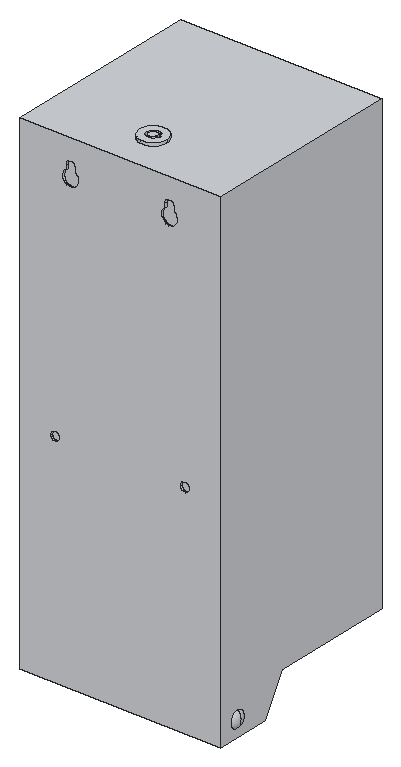
Revit family "AX9424_0008", category Appareils sanitaires, Revit 2016
Family settings
  Hôte = Mur
  Type d'élément = Normal
  Cote de connecteur circulaire = Utiliser le diamètre
  Numéro OmniClass = 23.75.00.00
  Titre OmniClass = Climate Control (HVAC)
  Toujours verticalement = Oui
  Couper avec des vides une fois chargée = Non
  Partagée = Non
  Point de calcul de pièce = Non
Parameters (values of type "Type 1")
  URL = "https://www.axeuro.com/fr/distributeurs-de-savon-gel-hydroalcoolique/26115-distributeur-de-savon-liquide-ax9424.html"
  Type de produit / Type of product = "Distributeur de savon / Soap dispenser"  # constant formula
  Référence / Reference = "AX9424"  # constant formula
  Model = ""
  Manufacturer = ""
  Entreprise / Company = "Axeuro"  # constant formula
  Description = ""
Reference planes
  plane 1 "Mur": y = 0
  plane 2 "Centre (gauche/droite)": x = 0
  plane 3 "Arrière": y = 75
Forms (mm)
  Extrusion 1, solid, not visible
    sketch origin (0, 75, 32.766) x (1, 0, 0) y (0, 0, 1)
      loop
        line (124.636, 467.234) -> (-157.364, 467.234) -> (-157.364, 77.234) -> (124.636, 77.234) -> (124.636, 467.234)
      loop
        line (122.836, 465.434) -> (-155.564, 465.434) -> (-155.564, 79.034) -> (122.836, 79.034) -> (122.836, 465.434)
    from -110 to 0
  Extrusion 2, solid, not visible
    sketch origin (0, 0, 32.766) x (0, 1, 0) y (0, 0, 1)
      loop
        line (75, 467.234) -> (75, 77.234) -> (76.843, 77.234) -> (76.843, 467.234) -> (75, 467.234)
    from -157.364 to 124.636
  Extrusion 3, solid, not visible
    sketch origin (0, 75, 32.766) x (1, 0, 0) y (0, 0, 1)
      loop
        line (122.836, 465.434) -> (-155.564, 465.434) -> (-155.564, 296.437) -> (122.836, 296.437) -> (122.836, 465.434)
    from -110 to 0
  Extrusion 4, solid, not visible
    sketch origin (0, 75, -184.637) x (1, 0, 0) y (0, 0, 1)
      loop
        line (122.836, 513.841) -> (-155.564, 513.841) -> (-155.564, 296.437) -> (122.836, 296.437) -> (122.836, 513.841)
    from -110 to 0
  Extrusion 5, solid, not visible
    sketch origin (-17.336, 75, 48.525) x (1, 0, 0) y (0, 0, 1)
      loop
        circle (-91.889, 325.864) r 19.45
    from -110.457 to -110
  Extrusion 6, void, not visible
    sketch origin (-11.211, 0, 5.271) x (1, 0, 0) y (0, 0, 1)
      loop
        circle (-109.008, 447.263) r 3
    from -76.843 to -75
  Extrusion 7, solid, not visible
    sketch origin (0, 75, 32.766) x (1, 0, 0) y (0, 0, 1)
      loop
        line (124.636, 467.234) -> (-157.364, 467.234) -> (-157.364, 77.234) -> (124.636, 77.234) -> (124.636, 467.234)
      loop
        line (122.836, 465.434) -> (-155.564, 465.434) -> (-155.564, 79.034) -> (122.836, 79.034) -> (122.836, 465.434)
    from -110 to 0
  Extrusion 8, solid, not visible
    sketch origin (0, 75, 32.766) x (1, 0, 0) y (0, 0, 1)
      loop
        line (122.836, 465.434) -> (-155.564, 465.434) -> (-155.564, 296.437) -> (122.836, 296.437) -> (122.836, 465.434)
    from -110 to 0
  Extrusion 9, solid, not visible
    sketch origin (0, 75, -184.637) x (1, 0, 0) y (0, 0, 1)
      loop
        line (122.836, 513.841) -> (-155.564, 513.841) -> (-155.564, 296.437) -> (122.836, 296.437) -> (122.836, 513.841)
    from -110 to 0
  Extrusion 10, solid, not visible
    sketch origin (-17.336, 75, 48.525) x (1, 0, 0) y (0, 0, 1)
      loop
        circle (-91.889, 325.864) r 19.45
    from -110.457 to -110
  Extrusion 11, void, not visible
    sketch origin (-11.211, 0, 5.271) x (1, 0, 0) y (0, 0, 1)
      loop
        circle (-109.008, 447.263) r 3
    from -76.843 to -75
  Extrusion 12, solid
    sketch origin (45.053, -71.24, 0) x (1, 0, 0) y (0, 1, 0)
      loop
        line (-100.053, 146.24) -> (9.947, 146.24) -> (9.947, 256.24) -> (-100.053, 256.24) -> (-100.053, 146.24)
    from 270 to 540
  Extrusion 13, void
    sketch origin (0, 0, 0) x (0, 1, 0) y (0, 0, 1)
      loop
        line (105, 270) -> (185, 270) -> (185, 290) -> (117, 290) -> (105, 270)
    from -55 to 55
  Extrusion 14, void
    sketch origin (-48.587, 0, 27.144) x (1, 0, 0) y (0, 0, 1)
      loop
        arc (19.087, 496.877) -> (21.587, 488.856) -> (24.087, 496.877) r 4.4
        line (24.087, 496.877) -> (24.087, 499.356)
        arc (24.087, 499.356) -> (21.587, 501.856) -> (19.087, 499.356) r 2.5
        line (19.087, 499.356) -> (19.087, 496.877)
    from -75.849 to -75
  Extrusion 15, void
    sketch origin (48.587, 0, 27.144) x (-1, 0, 0) y (0, 0, -1)
      loop
        line (19.087, -496.877) -> (19.087, -499.356)
        arc (19.087, -499.356) -> (21.587, -501.856) -> (24.087, -499.356) r 2.5
        line (24.087, -499.356) -> (24.087, -496.877)
        arc (24.087, -496.877) -> (21.587, -488.856) -> (19.087, -496.877) r 4.4
    from -75.849 to -75
  Extrusion 16, void
    sketch origin (0, 0, -6.997) x (-1, 0, 0) y (0, 0, -1)
      loop
        circle (-35.5, -398) r 2.5
    from -75.849 to -75
  Extrusion 17, void
    sketch origin (0, 0, -6.997) x (1, 0, 0) y (0, 0, 1)
      loop
        circle (-35.5, 398) r 2.5
    from -75.849 to -75
  Revolve 18, solid
    sketch origin (0, 86, -2.553) x (1, 0, 0) y (0, 0, 1)
      loop
        line (55, 282.053) -> (57, 282.053)
        arc (57, 282.053) -> (56.566, 284.554) -> (55, 286.553) r 5.204
        line (55, 286.553) -> (55, 282.053)
      axis (55, 282.053) -> (57, 282.053)
    angle from 0 to 360
  Revolve 19, solid
    sketch origin (0, 86, -2.553) x (-1, 0, 0) y (0, 0, -1)
      loop
        line (55, -282.053) -> (55, -286.553)
        arc (55, -286.553) -> (56.566, -284.554) -> (57, -282.053) r 5.204
        line (57, -282.053) -> (55, -282.053)
      axis (55, -282.053) -> (57, -282.053)
    angle from 0 to 360
  Extrusion 20, void
    sketch origin (-7.15, 75, -11.972) x (1, 0, 0) y (0, 0, 1)
      loop
        circle (32.65, 319.472) r 2.5
    from -110 to -108.683
  Extrusion 21, solid
    sketch origin (-90.696, -44.043, 0) x (1, 0, 0) y (0, 1, 0)
      loop
        circle (90.696, 141.543) r 7.5
      loop
        circle (90.696, 141.543) r 3.506
    from 540 to 541.5
  Extrusion 22, solid
    sketch origin (0, -3.506, 0) x (1, 0, 0) y (0, 1, 0)
      loop
        circle (0, 101.006) r 2.421
    from 540 to 541.5
  Extrusion 23, void
    sketch origin (0, 0.009, 0) x (-1, 0, 0) y (0, -1, 0)
      loop
        line (-3.922, -97.938) -> (-1.695, -97.938) -> (-1.695, -97.043) -> (-3.922, -97.043) -> (-3.922, -97.938)
    from 540 to 541.5
  Extrusion 24, void
    sketch origin (104.781, 75, -52.822) x (1, 0, 0) y (0, 0, 1)
      loop
        arc (-100.781, 524.822) -> (-104.781, 528.822) -> (-108.781, 524.822) r 4
        line (-108.781, 524.822) -> (-108.781, 444.822)
        arc (-108.781, 444.822) -> (-104.781, 440.822) -> (-100.781, 444.822) r 4
        line (-100.781, 444.822) -> (-100.781, 524.822)
    from -110 to -108.683
Cuts and joins
  Extrusion 13, Extrusion 14, Extrusion 15, Extrusion 16, Extrusion 17, Extrusion 20, Extrusion 23, Extrusion 24 cuts Extrusion 12
  Extrusion 23 cuts Extrusion 21
  Extrusion 23 cuts Extrusion 22
Text (mm)
  text "Côté de la mise en place" at (-1820.995, 1116.779, 0), in view "Niveau de réf."
  text "Côté de la mise en place" at (0, 1334.055, 2976.191), in view "Gauche"
  text "Côté de la mise en place" at (0, 439.194, 2944.362), in view "Droite"
Dimensions and locks
  host wall to plane 3 "Arrière" = 75 mm
  aligned and locked: plane 1 "Mur" to host wall
